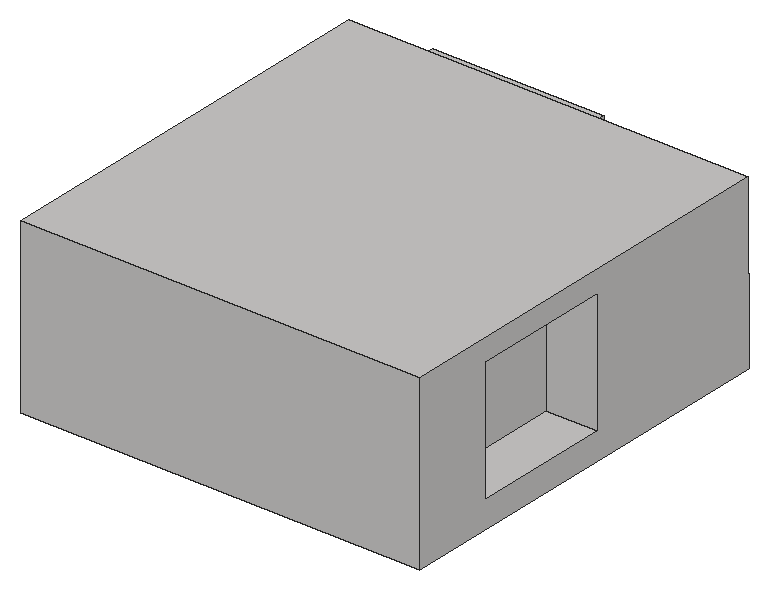
Revit family
Parameters
  Width = 4' - 0 1/8"
  Voltage = 208 V
  Unit Weight = "220.0 lbs"
  UltraLoc Liner = Choose Liner Option = 3  # no
  URL = "http://www.titus-hvac.com/"
  UL = "181"
  Supply Air Flow [instance] = 0 CFM
  SteriLoc Liner = Choose Liner Option = 2  # no
  Primary Air Pressure Drop [instance] = 0.00 in-wg
  Primary Air Flow [instance] = 0 CFM
  Plenum Air Pressure Drop [instance] = 0.00 in-wg
  Plenum Air Flow [instance] = 0 CFM
  Outlet Width = 1' - 4 1/2"
  Outlet Vertical Offset = 0' - 1 1/8"
  Outlet Horizontal Offset = 0' - 1 3/8"
  Outlet Height = 1' - 2 1/2"
  Number of Poles = 2
  Nominal Width = Width + 0' 6 1/4"  # 4' - 6 3/8"
  Nominal Length = Length + 0' 3 3/8"  # 4' - 2 1/4"
  Nominal Inlet Size = 0' - 10"
  Nominal Height = 1' - 8 1/8"
  NFPA = "90A"
  Motor Full Load Amps = 4.3 A
  Model = "DTQS"
  Min. Air Flow = 0 CFM
  Max. Air Flow = 0 CFM
  Material = Galvanized Steel
  Manufacturer = "Titus"
  Length = 3' - 10 7/8"
  Juction Box Offset = 0' - 4 7/8"
  Inlet Diameter = Nominal Inlet Size - 0' 0 1/8"  # 0' - 9 7/8"
  Induced offset = 0' - 1 1/4"
  Induced Air Inlet Offset = 0' - 4 1/2"
  Induced Air Inlet Width = 1' - 9"
  Induced Air Inlet Height = 1' - 5 1/2"
  Induced Air Filter = no
  Heating Total Capacity [instance] = 0 Btu/h
  Half Outlet Connection Width = Outlet Width / 2  # 0' - 8 1/4"
  Half Outlet Connection Height = Outlet Height / 2  # 0' - 7 1/4"
  Half Height Start = -(Nominal Height / 2)  # -0' - 10 1/16"
  Half Height End = Nominal Height / 2  # 0' - 10 1/16"
  HP-Motor = "1/3"
  Frequency = 60 Hz
  Filter Size = "27\"x20\""
  Fiber Free Liner = Choose Liner Option = 1  # no
  Fan Disconnect Switch = no
  Duct Radius = Nominal Inlet Size / 2  # 0' - 5"
  Description = "Series Fan Powered Terminal Unit, Direct Digital Control, Pressure Independent"
  Connection Void Radius = Connection Radius - 0' 0 1/4"  # 0' - 4 11/16"
  Connection Radius = Inlet Diameter / 2  # 0' - 4 15/16"
  Choose Liner Option = 0
  CADworks URL = "www.CADworks.net"
  Assembly Code = "D3040100"
  Apparent Power = Voltage * Motor Full Load Amps  # 894.4 VA
  Air Inlet Offset = 0' - 7"
  1/2" Fiberglass Liner = Choose Liner Option = 0  # yes
Reference planes (in)
  plane 1 "Center (Front/Back)": y = 0
  plane 2: z = 0
  plane 3 "Center (Left/Right)": x = 3
  plane 4: x = -20.4375
  plane 5: x = 26.4375
  plane 6: x = -15.5625
  plane 7: x = -23.8125
  plane 8 "Center (Elevation)": z = 0
  plane 9: y = -24.0625
  plane 10: y = 24.0625
  plane 11: y = 17.0625
  plane 12: y = -19.5625
  plane 13: x = 20.4375
  plane 14: y = 30.3125
  plane 15: z = 10.0625
  plane 16: z = -10.0625
Forms (in)
  Extrusion 1, solid, material "Galvanized Steel" <- "Material"
    sketch origin (0, 0, 52) x (1, 0, 0) y (0, 1, 0)
      loop
        line (-20.4375, 24.0625) -> (-20.4375, -24.0625) -> (26.4375, -24.0625) -> (26.4375, 24.0625) -> (-20.4375, 24.0625)
    from -62.0625 <- "Half Height Start" to -41.9375 <- "Half Height End"
  Extrusion 2, solid, material "Galvanized Steel" <- "Material"
    sketch origin (3.0625, 0, -6) x (1, 0, 0) y (0, 1, 0)
      loop
        line (-18.625, 24.0625) -> (1.375, 24.0625) -> (1.375, 30.3125) -> (-18.625, 30.3125) -> (-18.625, 24.0625)
    from 0 to 12
  Extrusion 3, void
    sketch origin (26.4375, 24.0625, 53.125) x (0, 1, 0) y (0, 0, -1)
      loop
        line (-22.125, 45.5625) -> (-22.125, 60.0625) -> (-38.625, 60.0625) -> (-38.625, 45.5625) -> (-22.125, 45.5625)
    from 0 to 6
  Extrusion 4, solid, material "Galvanized Steel" <- "Material"
    sketch origin (-24.875, 0.5625, 0) x (0, 0, -1) y (0, 1, 0)
      loop
        circle (0, 16.5) r 4.9375
    from 1.0625 to 4.4375
  Extrusion 5, void
    sketch origin (-24.875, 0, 0) x (0, 1, 0) y (0, 0, 1)
      loop
        circle (17.0625, 0) r 4.6875
    from 1.0625 to 9.3125
  Extrusion 6, void
    sketch origin (-20.4375, -24.0625, 52) x (0, -1, 0) y (0, 0, -1)
      loop
        line (-25.5, 43.3125) -> (-4.5, 43.3125) -> (-4.5, 60.8125) -> (-25.5, 60.8125) -> (-25.5, 43.3125)
    from 0 to 4.875
Cuts and joins
  Extrusion 3, Extrusion 5, Extrusion 6 cuts Extrusion 1
  Extrusion 5 cuts Extrusion 4
Dimensions and locks (in)
  "Length": plane 5 to plane 4
  equal spacing: plane 5, plane 3 "Center (Left/Right)", plane 4
  locked: Extrusion 2 to plane 6 at 0
  locked: Extrusion 2 to Extrusion 2 at 20
  "Juction Box Offset": plane 6 to plane 4
  "Outlet Height": Extrusion 3 sketch curve to Extrusion 3 sketch curve
  "Outlet Width": Extrusion 3 sketch curve to Extrusion 3 sketch curve
  locked: plane 4 to plane 7 at 3.375
  "Width": plane 9 to plane 10
  equal spacing: plane 9, plane 1 "Center (Front/Back)", plane 10
  locked: Extrusion 4 sketch curve to level at 0
  locked: Extrusion 4 sketch curve to plane 11 at 0
  locked: Extrusion 5 sketch curve to level at 0
  locked: Extrusion 5 sketch curve to plane 11 at 0
  locked: Extrusion 2 to Extrusion 2 at 6.25
  "Air Inlet Offset": plane 10 to plane 11
  locked: Extrusion 2 to plane 10 at 0
  locked: cut or joined group of Extrusion 4, Extrusion 5 to plane 7 at 0
  locked: cut or joined group of Extrusion 4, Extrusion 5 to cut or joined group of Extrusion 4, Extrusion 5 at 3.375
  "Induced Air Inlet Offset": plane 9 to plane 12
  "Induced Air Inlet Width": Extrusion 6 sketch curve to Extrusion 6 sketch curve
  "Induced Air Inlet Height": Extrusion 6 sketch curve to Extrusion 6 sketch curve
  "Induced Air Inlet Offset": Extrusion 6 sketch curve to plane 9
  locked: plane 9 to Extrusion 3 sketch curve at 9.5
  cut or joined group of Extrusion 1, Extrusion 3, Extrusion 5, Extrusion 6 to Extrusion 3 sketch curve = 0' - 3 1/8"
  locked: Extrusion 2 to Extrusion 2 at 12
  equal spacing: Extrusion 2, level, Extrusion 2
  locked: cut or joined group of Extrusion 1, Extrusion 3, Extrusion 5, Extrusion 6 to cut or joined group of Extrusion 1, Extrusion 3, Extrusion 5, Extrusion 6 at 20.125
  equal spacing: cut or joined group of Extrusion 1, Extrusion 3, Extrusion 5, Extrusion 6, level, cut or joined group of Extrusion 1, Extrusion 3, Extrusion 5, Extrusion 6
  "Induced offset": Extrusion 6 sketch curve to cut or joined group of Extrusion 1, Extrusion 3, Extrusion 5, Extrusion 6
  "Connection Radius": radius of Extrusion 4 sketch curve
  "Connection Void Radius": radius of Extrusion 5 sketch curve
  aligned and locked: plane 6 to Extrusion 6
  aligned and locked: Extrusion 3 to plane 13
  aligned and locked: plane 5 to cut or joined group of Extrusion 1, Extrusion 3, Extrusion 5, Extrusion 6
  aligned and locked: cut or joined group of Extrusion 1, Extrusion 3, Extrusion 5, Extrusion 6 to plane 4
  aligned and locked: cut or joined group of Extrusion 1, Extrusion 3, Extrusion 5, Extrusion 6 to plane 10
  aligned and locked: plane 9 to cut or joined group of Extrusion 1, Extrusion 3, Extrusion 5, Extrusion 6
  aligned and locked: Extrusion 1 to Extrusion 6
  aligned and locked: Extrusion 5 to plane 7
  aligned and locked: plane 6 to Extrusion 5
Automatic sketch dimensions
  Extrusion 1 sketch curve to plane 4 = 0' - 0"
  plane 5 to Extrusion 1 sketch curve = 0' - 0"
  Extrusion 1 sketch curve to plane 9 = 0' - 0"
  Extrusion 1 sketch curve to plane 10 = 0' - 0"
  Extrusion 2 sketch curve to plane 6 = 0' - 0"
  Extrusion 2 sketch curve to plane 10 = 0' - 0"
  plane 3 "Center (Left/Right)" to Extrusion 2 sketch curve = 0' - 1 7/16"
  Extrusion 2 sketch curve to plane 10 = 0' - 6 1/4"
Connectors (in)
  electrical at (-5.5625, 30.3125, 0), driven by "Apparent Power", driven by "Voltage", driven by "Number of Poles"
    settings: on Extrusion 2, index 8
  hvac at (-23.8125, 17.0625, 0), driven by "Primary Air Flow", driven by "Duct Radius", driven by "Primary Air Pressure Drop"
    settings: on cut or joined group of Extrusion 4, Extrusion 5, index 9
  hvac at (-20.4375, -9.0625, -0.0625), driven by "Induced Air Inlet Height", driven by "Induced Air Inlet Width", driven by "Plenum Air Pressure Drop", driven by "Plenum Air Flow"
    settings: on cut or joined group of Extrusion 1, Extrusion 3, Extrusion 5, Extrusion 6, index 12
  hvac at (26.4375, -6.3125, 0.3125), driven by "Supply Air Flow", driven by "Outlet Width", driven by "Outlet Height"
    settings: on cut or joined group of Extrusion 1, Extrusion 3, Extrusion 5, Extrusion 6, index 13
